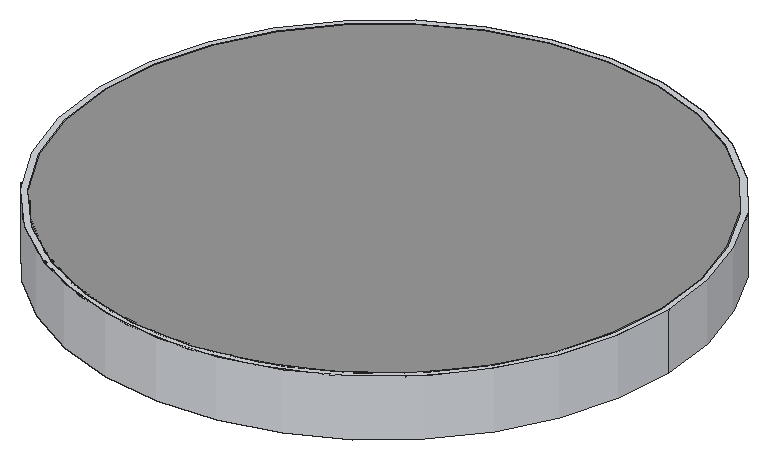
Revit family "2071232", category Lighting Fixtures, host Face, Revit 2018
Family settings
  Host = Face
  Round Connector Dimension = Use Diameter
  Part Type = Normal
  OmniClass Number = 23.80.70.00
  OmniClass Title = Lighting
  Cut with Voids When Loaded = No
  Light Source = Yes
  Shared = No
  Room Calculation Point = No
Parameters (values of type "2071232 COLOSSAL 600 940 PR DIR+H WHT SSC")
  iner diameter = 588 mm
  Weight = "n/a"
  Wattage Comments = ""
  Wattage = 30 W
  WarrantyStartDate [instance] = "n/a"
  WarrantyGuarantorParts = "n/a"
  WarrantyDurationUnit = "n/a"
  WarrantyDurationParts = ""
  WarrantyDescription = "http://www.sylvania-lighting.com"
  built-in parameter 1150110 = 1 (stored number, unit not read)
  Voltage = 230 V
  URL = "0.99"
  TypeName = "COLOSSAL 600mm 940 PRISM DIR+HAL WHITE SSC"
  Type Image = <None>
  Type Comments = "n/a"
  built-in parameter 1114217 = 1 (stored number, unit not read)
  Tilt Angle = -90.00°
  built-in parameter 1150109 = 1 (stored number, unit not read)
  built-in parameter 1150134 = (empty or 0)
  built-in parameter 1150113 = 1 (stored number, unit not read)
  SerialNumber [instance] = "n/a"
  Photometric Web File = "2071232.ies"
  Material_3_SYL = LED-Sylvania
  PowerFactor = 0
  PowerConsumption = "Lighting"
  NominalLength = 600 mm
  NominalHeight = 93 mm
  NominalDepth = 600 mm
  Name = "COLOSSAL 600mm 940 PRISM DIR+HAL WHITE SSC"
  ModelReference = Name  # "COLOSSAL 600mm 940 PRISM DIR+HAL WHITE SSC"
  ModelNumber = "2071232"
  Model = Name  # "COLOSSAL 600mm 940 PRISM DIR+HAL WHITE SSC"
  Material = "Feilo Sylvania"
  ManufacturerName = "111 lm/W"
  Manufacturer = ""
  LuminousEfficacy = ""
  built-in parameter 1150105 = 270.44 (stored number, unit not read)
  Lumens = 3398.4 lm
  LuminaireType = "0"
  built-in parameter 1150115 = 1 (stored number, unit not read)
  LightOutputRatio = "LED"
  built-in parameter 1150137 = (empty or 0)
  built-in parameter 1150139 = (empty or 0)
  LampsType = Lamp  # "n/a"
  LampNominalLuminous = "4000 K"
  LampMacAdamStep = "90"
  LampColourTemperature = "LED"
  LampColourRenderingIndex = "16500"
  built-in parameter 1150112 = 1 (stored number, unit not read)
  built-in parameter 1150114 = 1 (stored number, unit not read)
  Lamp = "n/a"
  Keynote = "n/a"
  InstallationDate [instance] = "n/a"
  InputVoltage = "0"
  InputNominalFrequency = "4000"
  built-in parameter 1150132 = (empty or 0)
  built-in parameter 1150102 = (empty or 0)
  built-in parameter 1150107 = 3000 (stored number, unit not read)
  built-in parameter 1150138 = (empty or 0)
  IngressProtection = "IfcLightFixtureType"
  ImpactProtectionIndex = "IfcLightFixtureType"
  built-in parameter 1150106 = 2.7044 (stored number, unit not read)
  IfcExportType = "IfcLightFixtureType"
  IfcExportAs = "Class I"
  Emit from Circle Diameter = 385 mm
  Emit Shape Visible in Rendering = no
  ElectricShockClassification = "111"
  built-in parameter 1150104 = 10.524 (stored number, unit not read)
  DocumentationLiterature = "http://www.sylvania-lighting.com/product/en-int/products/2071232"
  DimmingControlOptions = "n/a"
  Material_2_SYL = Polycarbonate_Sylvania_White
  Dimming Lamp Color Temperature Shift = <None>
  Description = "600mm diameter circular architectural luminaire, can be surface mounted or suspended. Powder coated aluminium housing (RAL9016) with PMMA prismatic diffuser. Direct/indirect (halo) light distribution, 3485lm luminuous flux, 31.3W system power, 111lm/W luminiaire efficacy. Sylsmart Standalone enabled. Colour rendering index Ra >90, 4000K Neutral White LED, chromaticity tolerance of 3-step MacAdam ellipse. IP40, IK03. 350mA drive current. UGR≤19. Electrical protection Class1, 220-240V. Reported lifetime 66k hours L90B10."
  Default Elevation = 1219.2 mm
  CreatedOn = "23/03/2022"
  CreatedBy = "@sylvania-lighting.com"
  Cost = 0
  Color Filter = 16777215
  built-in parameter 1114216 [instance] = (empty or 0)
  ClassificationValue = "EF_70_80"
  ClassificationName = "Uniclass2015"
  Material_1_SYL = Polycarbonate_Sylvania_Opal
  BarCode [instance] = "n/a"
  built-in parameter 1114218 = 1 (stored number, unit not read)
  built-in parameter 1150133 = 10 (stored number, unit not read)
  AssetType = "Fixed"
  AssetIdentifier [instance] = "n/a"
  Assembly Code = "D5020200"
  Apparent Load = 31.3 VA
  Material_4_SYL = none
Reference planes
  plane 1 "Center (Front/Back)": y = 0
  plane 2: z = 0
  plane 3 "Center (Left/Right)": x = 0
  plane 4: x = -300
  plane 5: x = 300
  plane 6: y = 300
  plane 7: y = -300
  plane 8: y = 212
  plane 9: y = -212
  plane 10: z = 93
  plane 11: y = 294
  plane 12: y = -294
  plane 13: through (0, 0, 1219.2) normal (0.5, -0.866, 0)
  plane 14: through (-134.29, 20.617, 1219.2) normal (0.5, -0.866, 0)
  plane 15: through (-144.685, -181.683, 1219.2) normal (-0.5, 0.866, 0)
  plane 16: through (0, 0, 1219.2) normal (0.5, 0.866, 0)
  plane 17: through (178.555, -4.939, 1219.2) normal (0.5, 0.866, 0)
  plane 18: through (87.581, -148.715, 1219.2) normal (0.5, 0.866, 0)
  plane 19: y = 272
  plane 20: through (105.168, 227.067, 1219.2) normal (0.866, 0.5, 0)
  plane 21: through (-104.171, 225.672, 1219.2) normal (0.8572, -0.515, 0)
  plane 22: y = -204.612
  plane 23: through (-296.643, -30.2, 1219.2) normal (0.866, 0.5, 0)
  plane 24: through (153.092, -278.837, 1219.2) normal (-0.866, 0.5, 0)
Forms (mm)
  Extrusion 1, solid, detail levels medium+fine
    sketch origin (0, 0, 0) x (1, 0, 0) y (0, 1, 0)
      loop
        circle (0, 0) r 300
    from 33.023 to 93
  Extrusion 2, void
    sketch origin (0, 0, 0) x (1, 0, 0) y (0, 1, 0)
      loop
        circle (0, 0) r 294
    from 93 to 37.292
  Extrusion 3, solid, material "Glass, White, High Luminance", detail levels fine
    sketch origin (0, 0, 0) x (1, 0, 0) y (0, 1, 0)
      loop
        circle (0, 0) r 294
    from 88.026 to 93
  Extrusion 4, solid, detail levels coarse
    sketch origin (0, 0, 0) x (1, 0, 0) y (0, 1, 0)
      loop
        line (-300, 300) -> (-300, -300) -> (300, -300) -> (300, 300) -> (-300, 300)
    from 0 to 93
  Blend 5, solid, detail levels medium+fine
    base sketch origin (0, 0, 0) x (1, 0, 0) y (0, 1, 0)
      loop
        line (-76.334, 272) -> (-277.665, -63.07) -> (-195.946, -204.612) -> (195.946, -204.612) -> (275.172, -67.388) -> (79.226, 272) -> (-76.334, 272)
    top sketch origin (0, 0, 0) x (1, 0, 0) y (0, 1, 0)
      loop
        line (-226.097, -32.388) -> (-141.097, -179.612) -> (141.097, -179.612) -> (226.097, -32.388) -> (85, 212) -> (-85, 212) -> (-226.097, -32.388)
    from 33.023 to 0
Cuts and joins
  Extrusion 2 cuts Extrusion 1
Lines and regions (mm)
  model lines
    curve 1: line (-85, 212, 0) -> (0, 212, 0)
    curve 2: line (0, 212, 0) -> (85, 212, 0)
Dimensions and locks
  "NominalDepth": plane 6 to plane 7
  "NominalLength": plane 4 to plane 5
  equal spacing: plane 4, plane 3 "Center (Left/Right)", plane 5
  "iner diameter": plane 11 to plane 12
  equal spacing: plane 11, plane 1 "Center (Front/Back)", plane 12
  equal spacing: plane 6, plane 1 "Center (Front/Back)", plane 7
  "NominalHeight": plane 10 to level
  radius of Extrusion 2 sketch curve = 294 mm
  aligned and locked: plane 2 to host face
  aligned and locked: level to host face
Automatic sketch dimensions
  host sketch curve to host sketch curve = 2438.4 mm  (x2)
  plane 1 "Center (Front/Back)" to Extrusion 1 sketch curve = 0 mm
  Extrusion 1 sketch curve to plane 3 "Center (Left/Right)" = 0 mm
  plane 1 "Center (Front/Back)" to Extrusion 2 sketch curve = 0 mm
  Extrusion 2 sketch curve to plane 3 "Center (Left/Right)" = 0 mm
  plane 1 "Center (Front/Back)" to Extrusion 3 sketch curve = 0 mm
  Extrusion 3 sketch curve to plane 3 "Center (Left/Right)" = 0 mm
  Extrusion 4 sketch curve to plane 4 = 0 mm
  Extrusion 4 sketch curve to plane 5 = 0 mm
  Extrusion 4 sketch curve to plane 7 = 0 mm
  Extrusion 4 sketch curve to plane 6 = 0 mm
  Blend 5 sketch curve to plane 8 = 0 mm
  Blend 5 sketch curve to plane 3 "Center (Left/Right)" = 85 mm
  plane 3 "Center (Left/Right)" to Blend 5 sketch curve = 85 mm
  plane 9 to Blend 5 sketch curve = 32.388 mm
  plane 3 "Center (Left/Right)" to Blend 5 sketch curve = 141.097 mm
  plane 1 "Center (Front/Back)" to Blend 5 sketch curve = 32.388 mm  (x2)
  Blend 5 sketch curve to plane 5 = 73.903 mm
  Blend 5 sketch curve to plane 3 "Center (Left/Right)" = 141.097 mm
  plane 4 to Blend 5 sketch curve = 73.903 mm
  curve 1 to plane 8 = 0 mm
  curve 2 to plane 3 "Center (Left/Right)" = 0 mm
  curve 1 to plane 3 "Center (Left/Right)" = 85 mm
  curve 1 to curve 2 = 85 mm
  Blend 5 sketch curve to plane 21 = 0 mm
  Blend 5 sketch curve to plane 23 = 0 mm  (x2)
  Blend 5 sketch curve to plane 22 = 0 mm
  Blend 5 sketch curve to plane 19 = 0 mm
  plane 21 to Blend 5 sketch curve = 0 mm
  Blend 5 sketch curve to plane 20 = 0 mm  (x2)
  Blend 5 sketch curve to plane 24 = 0 mm  (x2)
  radius of Extrusion 1 sketch curve = 300 mm
  radius of Extrusion 3 sketch curve = 294 mm
Connectors
  electrical at (0, 0, 0), driven by "Apparent Load", driven by "PowerFactor", driven by "Voltage"
    settings: index 1, voltage 230 V, apparent load 31.3 VA, apparent load phase1 0 VA, apparent load phase2 0 VA, apparent load phase3 0 VA, power factor 0, load classification "Lighting", number of poles 1, system type 30, power factor state 1, is connector primary yes, connector utility no, sub classification motor no, connector description ""
